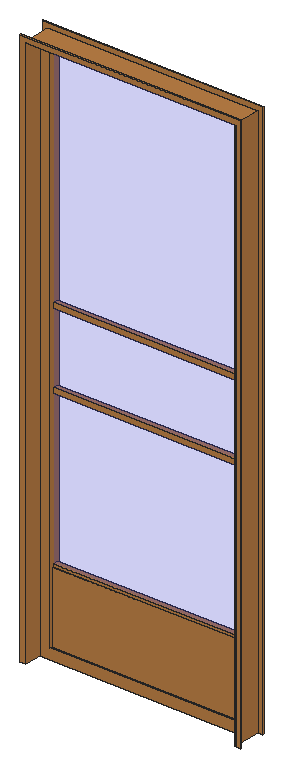
Revit family "DSP_A3-Durowin-800x2134-NDAS", category Doors, host Wall, Revit 2016
Family settings
  Host = Wall
  Always vertical = Yes
  Cut with Voids When Loaded = No
  Shared = No
  Room Calculation Point = No
Parameters (values of type "NDAS")
  URL = "http://www.Durowin.com"
  Thickness = 0 mm
  Rough Width = Width + (2 * Frame Width)  # 844 mm
  Rough Height = Height + Frame Width  # 2156 mm
  Panel Width = 800 mm
  Model Type = "Butt Hinge"
  Model = "French Door And Sidelights"
  Material Glass = Glass
  Material Door Panel = Default Steel Door Panel
  Material Door Frame = Default Steel Door Frame
  Manufacturer Code = "NDAS"
  Manufacturer = "Durowin"
  Height = 2134 mm
  Wall Closure = By host
  Width = 800 mm
  Function = Interior
  Frame Width = 22 mm
  Construction Type = "Steel"
  Assembly Code = "B2030120"
Reference planes
  plane 1 "Center Line": y = 0
  plane 2 "Left": x = -384
  plane 3 "Right": x = 460
  plane 4: z = 2156
  plane 5 "Exterior": y = 110
  plane 6 "Interior": y = -110
  plane 7: x = 550
  plane 8: x = -474
  plane 9: x = 408
  plane 10: x = 438
  plane 11: x = -362
  plane 12: z = 2134
  plane 13: z = 317.571
  plane 14 "Panel centre": y = -24.5
  plane 15 "panel interior": y = -35.5
  plane 16 "Panel Exterior": y = -13.5
  plane 17: x = -321
  plane 18: x = 397
  plane 19: z = 1214.786
  plane 20: z = 105
  plane 21: z = 1831.262
  plane 22: z = 1528.524
  plane 23: z = 923.048
  plane 24: z = 620.31
  plane 25: z = 1966
  plane 26: x = -362
  plane 27: x = 438
  plane 28: y = -910
  plane 29: z = 2093
  plane 30: x = 38
Forms (mm)
  Sweep 1, solid, material "Default Steel Door Frame" <- "Material Door Frame", detail levels medium+fine
    path origin (0, 0, 0) x (1, 0, 0) y (0, 0, 1)
      loop
        line (460, 0) -> (460, 2156) -> (-384, 2156) -> (-384, 0)
    profile origin (0, 0, 1078) x (-1, 0, 0) y (0, -1, 0)
      loop
        line (-460, 0) -> (-428, 0) -> (-428, 3) -> (-438, 3) -> (-438, 110) -> (-460, 110) -> (-460, 106.979) -> (-441, 106.979) -> (-441, 3) -> (-460, 3) -> (-460, 0)
  Extrusion 2, solid, material "Default Steel Door Panel" <- "Material Door Panel", detail levels medium+fine
    sketch origin (0, 0, 0) x (1, 0, 0) y (0, 0, 1)
      loop
        line (-362, 0) -> (438, 0) -> (438, 2134) -> (-362, 2134) -> (-362, 0)
      loop
        line (-321, 41) -> (397, 41) -> (397, 2093) -> (-321, 2093) -> (-321, 41)
    from 3 to 45
  Extrusion 3, solid, material "Glass" <- "Material Glass", detail levels medium+fine
    sketch origin (0, -24.5, 0) x (1, 0, 0) y (0, 0, 1)
      loop
        line (397, 317.571) -> (397, 2093) -> (-321, 2093) -> (-321, 317.571) -> (397, 317.571)
    from 5 to -5
  Extrusion 4, solid, material "Default Steel Door Panel" <- "Material Door Panel", detail levels medium+fine
    sketch origin (0, -24.5, 0) x (1, 0, 0) y (0, 0, 1)
      loop
        line (397, 41) -> (397, 317.571) -> (-321, 317.571) -> (-321, 41) -> (397, 41)
    from 11 to -11
  Sweep 5, solid, material "Default Steel Door Panel" <- "Material Door Panel", detail levels medium+fine
    path origin (0, -24.5, -500.091) x (1, 0, 0) y (0, 0, 1)
      loop
        line (397, 1714.876) -> (-321, 1714.876)
    profile origin (38, 0, 0) x (0, 0, -1) y (0, -1, 0)
      loop
        line (-1204.786, 14.5) -> (-1204.786, 34.5) -> (-1224.786, 34.5) -> (-1224.786, 14.5) -> (-1204.786, 14.5)
  Sweep 6, solid, material "Default Steel Door Panel" <- "Material Door Panel", detail levels medium+fine
    path origin (2.111, -24.5, -808.605) x (1, 0, 0) y (0, 0, 1)
      loop
        line (397, 1731.652) -> (-323.111, 1731.652)
    profile origin (39.055, 0, 0) x (0, 0, -1) y (0, -1, 0)
      loop
        line (-913.048, 14.5) -> (-913.048, 34.5) -> (-933.048, 34.5) -> (-933.048, 14.5) -> (-913.048, 14.5)
  Sweep 7, solid, material "Default Steel Door Panel" <- "Material Door Panel", detail levels medium+fine
    path origin (0.036, -24.5, -1329.956) x (1, 0, 0) y (0, 0, 1)
      loop
        line (397, 1647.527) -> (-321.036, 1647.527)
    profile origin (38.018, 0, 0) x (0, 0, -1) y (0, -1, 0)
      loop
        line (-307.571, 14.5) -> (-307.571, 34.5) -> (-327.571, 34.5) -> (-327.571, 14.5) -> (-307.571, 14.5)
Cuts and joins
  joined: Sweep 5, Sweep 6, Sweep 7
Lines and regions (mm)
  Opening 1
    outline origin (-3050, -110, 0) x (1, 0, 0) y (0, 0, 1)
      loop
        line (2666, 0) -> (3510, 0) -> (3510, 2156) -> (2666, 2156) -> (2666, 0)
  symbolic lines, style "DoorsPanelProjection"
    curve 1: line (-362, -110, 0) -> (-362, -909.459, 0)
    curve 2: arc (-362, -909.459, 0) -> (218.192, -634.274, 0) -> (438, -30.922, 0) r 845.998
  symbolic lines, style "DoorsPanelProjection", detail levels medium+fine
    curve 3: line (-321, -45, 0) -> (-321, -906.258, 0)
  symbolic lines, style "Overhead", detail levels medium+fine
    curve 4: line (-384, -110, 0) -> (460, -110, 0)
    curve 5: line (460, 110, 0) -> (-384, 110, 0)
  symbolic lines, style "Elevation Swing"
    curve 6: line (-321, 0, 41) -> (397, 0, 1067)
    curve 7: line (397, 0, 1067) -> (-321, 0, 2079)
Text (mm)
  text "Exterior" at (-2295.016, 1099.543, 0), in view "Ref. Level"
  text "Exterior" at (0, 1615.38, 3698.081), in view "Left"
  text "Exterior" at (0, 1036.032, 3874.932), in view "Right"
Dimensions and locks
  plane 2 "Left" to plane 3 "Right" = 844 mm
  "Width": plane 11 to plane 10
  "Height": plane 12 to host wall
  host wall to plane 19 to plane 4 = 1214.786 mm, 941.214 mm
  locked: host wall to plane 5 "Exterior" at 0
  locked: plane 6 "Interior" to host wall
  locked: plane 3 "Right" to plane 7 at 90
  plane 8 to plane 2 "Left" = 90 mm
  locked: plane 9 to plane 3 "Right" at 52
  "Frame Width": plane 2 "Left" to plane 11
  "Frame Width": plane 10 to plane 3 "Right"
  "Frame Width": plane 12 to plane 4
  locked: plane 14 "Panel centre" to plane 1 "Center Line" at 24.5
  plane 18 to plane 3 "Right" = 63 mm
  plane 25 to plane 4 = 190 mm
  "Panel Width": plane 28 to plane 6 "Interior"
  Sweep 1 to plane 17 = 41 mm
  plane 2 "Left" to plane 17 = 63 mm
  plane 18 to plane 27 = 41 mm
  equal spacing: plane 17, plane 30, plane 18
  aligned and locked: plane 2 "Left" to Opening 1 sketch curve
  aligned and locked: plane 4 to Opening 1 sketch curve  (x2)
  aligned and locked: Opening 1 sketch curve to plane 3 "Right"
  aligned and locked: Opening 1 sketch curve to level
  aligned and locked: plane 1 "Center Line" to host wall
  aligned and locked: Extrusion 3 sketch curve to Extrusion 2  (x3)
  aligned and locked: plane 13 to Extrusion 3 sketch curve
  aligned and locked: Extrusion 4 sketch curve to Extrusion 2
  aligned and locked: Extrusion 2 to Sweep 6 sketch curve
  aligned and locked: Sweep 6 sketch curve to plane 23
  aligned and locked: Sweep 5 sketch curve to plane 19
  aligned and locked: Extrusion 2 to Sweep 5 sketch curve
  aligned and locked: Extrusion 2 sketch curve to plane 27
  aligned and locked: plane 11 to plane 26
  aligned and locked: plane 10 to plane 27
  aligned and locked: plane 6 "Interior" to curve 1
  aligned and locked: Sweep 1 sketch curve to host wall
  aligned and locked: Sweep 1 sketch curve to plane 4
  aligned and locked: Extrusion 2 sketch curve to plane 11
  aligned and locked: plane 17 to Extrusion 2 sketch curve
  aligned and locked: Sweep 1 sketch curve to Extrusion 2
  aligned and locked: Sweep 1 sketch curve to Sweep 1 sketch curve
  aligned and locked: Sweep 1 to curve 2
Automatic sketch dimensions
  plane 13 to Extrusion 4 sketch curve = 0 mm
  Extrusion 4 sketch curve to plane 18 = 0 mm
  plane 20 to Extrusion 4 sketch curve = 64 mm
  Sweep 5 sketch curve to plane 18 = 0 mm
  profile plane to Sweep 5 sketch curve = 10 mm  (x2)
  Sweep 5 sketch curve to profile plane = 10 mm  (x2)
  Sweep 6 sketch curve to plane 18 = 2.111 mm
  profile plane to Sweep 6 sketch curve = 10 mm  (x2)
  Sweep 6 sketch curve to profile plane = 10 mm  (x2)
  Sweep 1 sketch curve to plane 3 "Right" = 0 mm
  Sweep 1 sketch curve to level = 0 mm  (x2)
  Extrusion 2 sketch curve to plane 18 = 0 mm
  Extrusion 2 sketch curve to level = 0 mm
  Extrusion 2 sketch curve to plane 29 = 0 mm
  Extrusion 2 sketch curve to plane 12 = 0 mm
  level to Extrusion 2 sketch curve = 41 mm
  Sweep 7 sketch curve to plane 13 = 0 mm
  Sweep 7 sketch curve to plane 17 = 0 mm
  Sweep 7 sketch curve to plane 18 = 0.036 mm
  profile plane to Sweep 7 sketch curve = 10 mm  (x2)
  Sweep 7 sketch curve to profile plane = 10 mm  (x2)
  curve 4 to plane 2 "Left" = 0 mm
  curve 5 to host wall = 0 mm
  curve 5 to plane 2 "Left" = 0 mm
  curve 3 to plane 17 = 0 mm
  curve 5 to plane 3 "Right" = 0 mm
  curve 4 to plane 3 "Right" = 0 mm
  plane 2 "Left" to curve 2 = 23.324 mm
  curve 2 to plane 2 "Left" = 22 mm
  curve 1 to curve 3 = 3.201 mm
  plane 15 "panel interior" to curve 3 = 9.5 mm
  curve 6 to plane 18 = 0 mm
  curve 7 to plane 17 = 0 mm
  curve 6 to plane 17 = 0 mm
  level to curve 6 = 41 mm
  curve 7 to plane 23 = 143.952 mm
  plane 29 to curve 7 = 14 mm
  Sweep 1 sketch curve to plane 1 "Center Line" = 0 mm
  Sweep 1 sketch curve to profile plane = 0 mm  (x2)
  Sweep 1 sketch curve to profile plane = 19 mm
  Sweep 1 sketch curve to Sweep 1 sketch curve = 3 mm
  Sweep 1 sketch curve to Sweep 1 sketch curve = 10 mm
  Sweep 1 sketch curve to Sweep 1 sketch curve = 103.979 mm
  Sweep 1 sketch curve to Sweep 1 sketch curve = 3.021 mm
  curve 3 to plane 28 = 3.742 mm
